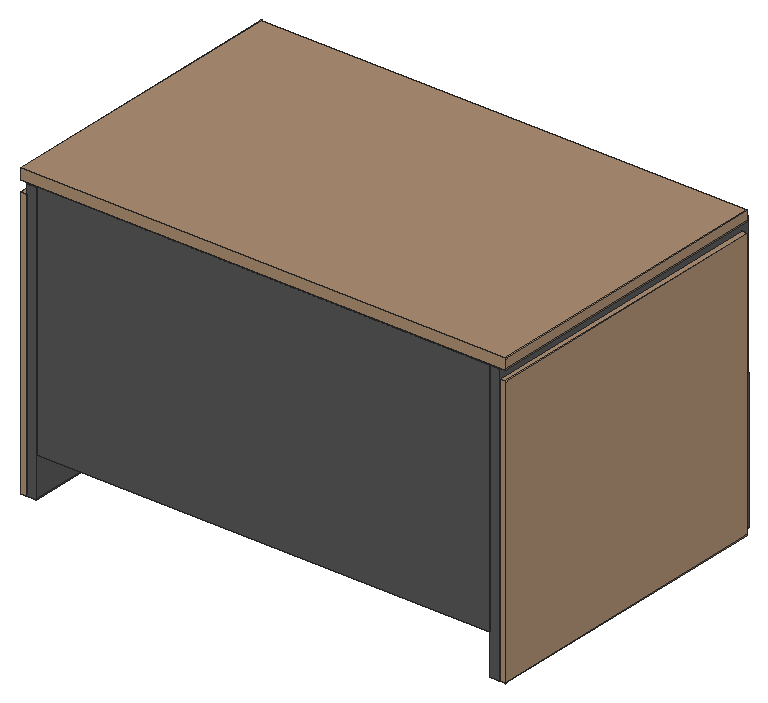
Revit family "Sanitary_Compound-Units_hansgrohe_54259XXX-Xilesa-E-Vanity-unit_780-470_1-drawer_wash-basin", category Furniture, host Face, Revit 2022
Family settings
  Host = Face
  OmniClass Number = 23.21.19.15.33.13
  OmniClass Title = Residential Bathroom Specialty Casework
  Cut with Voids When Loaded = No
  Render Appearance Source = Family Geometry
  Shared = No
  Room Calculation Point = No
Parameters (values of type "550 Cashmere Oak")
  Version = 1  # constant formula
  URL = "https://www.hansgrohe.com/"
  Product data url = "https://www.bimobject.com/en/hansgrohe/product/54259XXX"
  Product Page URL = "https://www.hansgrohe.com/articledetail--54259550"
  Model = "54259XXX"  # constant formula
  Material 3 = Hansgrohe - Metal - Black
  Material 2 = Hansgrohe - MDF - Matt Black
  Material 1 = Hansgrohe - MDF - 550 Cashmere Oak
  Manufacturer = "Hansgrohe"  # constant formula
  Height = 0 mm
  Description = "Xilesa E Vanity unit 780/470 with 1 drawer for wash basin"  # constant formula
  Default Elevation = 0 mm
  Date Updated = ""
  Date Created = "2024/02/03"  # constant formula
Types (5, lengths in mm): name | Material 1
  (no name) | Hansgrohe - MDF - 550 Cashmere Oak
  550 Cashmere Oak | Hansgrohe - MDF - 550 Cashmere Oak
  700 Matt White | Hansgrohe - MDF - 700 Matt White
  760 Slate Matt Grey | Hansgrohe - MDF - 760 Slate Matt Grey
  780 Sand Matt Beige | Hansgrohe - MDF - 780 Sand Matt Beige
Reference planes
  plane 1 "Center (Front/Back)": y = 0
  plane 2: z = 0
  plane 3 "Center (Left/Right)": x = 0
  plane 4: x = -390
  plane 5: x = 390
  plane 6: y = -500
  plane 7: z = 468
Dimensions and locks
  aligned and locked: plane 2 to host face
  aligned and locked: level to host face
Nested families
  nested 1: "54259XXX" at (0, -500, 0) x (1, 0, 0) z (0, 1, 0), Material 1 <- "Material 1", Material 2 <- "Material 2", Material 3 <- "Material 3", type "54259XXX"
    with Material 3 Hansgrohe - Metal - Black, Material 2 Hansgrohe - MDF - Matt Black, Material 1 Hansgrohe - MDF - 550 Cashmere Oak
Definition of nested family "54259XXX"
  Parameters (values of type "54259XXX")
    Version = 1  # constant formula
    URL = "https://www.hansgrohe.com/"
    Product data url = "https://www.bimobject.com/en/hansgrohe/product/54259XXX"
    Product Page URL = "https://www.hansgrohe.com/articledetail--54259550"
    Model = "54259XXX"  # constant formula
    Material 3 [instance] = none
    Material 2 [instance] = none
    Material 1 [instance] = none
    Manufacturer = "Hansgrohe"  # constant formula
    Description = "Xilesa E Vanity unit 780/470 with 1 drawer for wash basin"  # constant formula
    Default Elevation = 1219.2 mm
    Date Updated = ""
    Date Created = "2024/12/16"  # constant formula
  Reference planes
    plane 1 "Center (Front/Back)": y = 0
    plane 2: z = 0
    plane 3 "Center (Left/Right)": x = 0
  Forms (mm)
    Extrusion 1, solid, material <- "Material 1", detail levels medium+fine
      sketch origin (0, 0, 0) x (1, 0, 0) y (0, 1, 0)
        loop
          line (-380.6, 0) -> (-389.2, 0)
          arc (-389.2, 0) -> (-389.766, -0.234) -> (-390, -0.8) r 0.8
          line (-390, -0.8) -> (-390, -433.9)
          arc (-390, -433.9) -> (-389.766, -434.466) -> (-389.2, -434.7) r 0.8
          line (-389.2, -434.7) -> (-380.6, -434.7)
          arc (-380.6, -434.7) -> (-380.034, -434.466) -> (-379.8, -433.9) r 0.8
          line (-379.8, -433.9) -> (-379.8, -0.8)
          arc (-379.8, -0.8) -> (-380.034, -0.234) -> (-380.6, 0) r 0.8
        loop
          arc (380.6, 0) -> (380.034, -0.234) -> (379.8, -0.8) r 0.8
          line (379.8, -0.8) -> (379.8, -433.9)
          arc (379.8, -433.9) -> (380.034, -434.466) -> (380.6, -434.7) r 0.8
          line (380.6, -434.7) -> (389.2, -434.7)
          arc (389.2, -434.7) -> (389.766, -434.466) -> (390, -433.9) r 0.8
          line (390, -433.9) -> (390, -0.8)
          arc (390, -0.8) -> (389.766, -0.234) -> (389.2, 0) r 0.8
          line (389.2, 0) -> (380.6, 0)
      from 0 to 485
    Extrusion 2, solid, material <- "Material 1", detail levels medium+fine
      sketch origin (0, -90, 0) x (1, 0, 0) y (0, 1, 0)
        loop
          line (-389.2, -378) -> (389.2, -378)
          arc (389.2, -378) -> (389.766, -377.766) -> (390, -377.2) r 0.8
          line (390, -377.2) -> (390, -362.5)
          arc (390, -362.5) -> (389.766, -361.934) -> (389.2, -361.7) r 0.8
          line (389.2, -361.7) -> (-389.2, -361.7)
          arc (-389.2, -361.7) -> (-389.766, -361.934) -> (-390, -362.5) r 0.8
          line (-390, -362.5) -> (-390, -377.2)
          arc (-390, -377.2) -> (-389.766, -377.766) -> (-389.2, -378) r 0.8
      from 0 to 485
    Extrusion 3, solid, material <- "Material 2", detail levels medium+fine
      sketch origin (0, 0, 0) x (1, 0, 0) y (0, 1, 0)
        loop
          line (-379.8, -0.8) -> (-379.8, -448.9)
          arc (-379.8, -448.9) -> (-379.566, -449.466) -> (-379, -449.7) r 0.8
          line (-379, -449.7) -> (-364.6, -449.7)
          arc (-364.6, -449.7) -> (-364.034, -449.466) -> (-363.8, -448.9) r 0.8
          line (-363.8, -448.9) -> (-363.8, -0.8)
          arc (-363.8, -0.8) -> (-364.034, -0.234) -> (-364.6, 0) r 0.8
          line (-364.6, 0) -> (-379, 0)
          arc (-379, 0) -> (-379.566, -0.234) -> (-379.8, -0.8) r 0.8
        loop
          arc (379.8, -0.8) -> (379.566, -0.234) -> (379, 0) r 0.8
          line (379, 0) -> (364.6, 0)
          arc (364.6, 0) -> (364.034, -0.234) -> (363.8, -0.8) r 0.8
          line (363.8, -0.8) -> (363.8, -448.9)
          arc (363.8, -448.9) -> (364.034, -449.466) -> (364.6, -449.7) r 0.8
          line (364.6, -449.7) -> (379, -449.7)
          arc (379, -449.7) -> (379.566, -449.466) -> (379.8, -448.9) r 0.8
          line (379.8, -448.9) -> (379.8, -0.8)
      from 0 to 500
    Extrusion 4, solid, material <- "Material 2", detail levels fine
      sketch origin (0, 0, 0) x (1, 0, 0) y (0, 1, 0)
        loop
          line (-363.8, -65.2) -> (-363.8, -81.2) -> (363.8, -81.2) -> (363.8, -65.2) -> (-363.8, -65.2)
      from 17 to 125
    Extrusion 5, solid, material <- "Material 2", detail levels fine
      sketch origin (0, 0, 0) x (1, 0, 0) y (0, 1, 0)
        loop
          line (-363.8, -64.7) -> (-363.8, -449.7) -> (363.8, -449.7) -> (363.8, -64.7) -> (-363.8, -64.7)
      from 1 to 17
    Extrusion 6, solid, material <- "Material 3", detail levels fine
      sketch origin (0, -90, 0) x (1, 0, 0) y (0, 1, 0)
        loop
          line (-362.3, -356.9) -> (-362.3, -329.2) -> (-363.8, -329.2) -> (-363.8, -356.9)
          arc (-363.8, -356.9) -> (-363.126, -358.527) -> (-361.5, -359.2) r 2.3
          line (-361.5, -359.2) -> (361.5, -359.2)
          arc (361.5, -359.2) -> (363.126, -358.527) -> (363.8, -356.9) r 2.3
          line (363.8, -356.9) -> (363.8, -329.2) -> (362.3, -329.2) -> (362.3, -356.9)
          arc (362.3, -356.9) -> (362.066, -357.466) -> (361.5, -357.7) r 0.8
          line (361.5, -357.7) -> (-361.5, -357.7)
          arc (-361.5, -357.7) -> (-362.066, -357.466) -> (-362.3, -356.9) r 0.8
      from 449.5 to 499.5
    Extrusion 7, solid, material <- "Material 2", detail levels fine
      sketch origin (0, 0, 1) x (1, 0, 0) y (0, 0, 1)
        loop
          line (-322.898, 33.98) -> (322.898, 33.98) -> (322.898, 48.98) -> (-322.898, 48.98) -> (-322.898, 33.98)
      from 109.4 to 451.7
    Extrusion 8, solid, material <- "Material 3", detail levels fine
      sketch origin (150, 0, 1) x (1, 0, 0) y (0, 0, 1)
        loop
          line (198.3, 213.03) -> (198.3, 231.03) -> (183.3, 231.03) -> (183.3, 224.03) -> (192.95, 224.03) -> (192.95, 213.03) -> (198.3, 213.03)
      from 88.7 to 362.7
    Extrusion 9, solid, material <- "Material 3", detail levels fine
      sketch origin (150, 0, 1) x (1, 0, 0) y (0, 0, 1)
        loop
          line (200.05, 211.28) -> (200.05, 232.78) -> (181.55, 232.78) -> (181.55, 211.28) -> (200.05, 211.28)
      from 451.7 to 362.7
    Extrusion 10, solid, material <- "Material 3", detail levels fine
      sketch origin (-50, 0, 1) x (1, 0, 0) y (0, 0, 1)
        loop
          line (-292.5, 223.8) -> (-292.5, 113.608) -> (-298.2, 97.947) -> (-298.2, 48) -> (-269.9, 48) -> (-269.9, 223.8) -> (-292.5, 223.8)
        loop
          line (392.5, 223.8) -> (369.9, 223.8) -> (369.9, 48) -> (398.2, 48) -> (398.2, 97.947) -> (392.5, 113.608) -> (392.5, 223.8)
      from 91.9 to 109.4
    Extrusion 11, void
      sketch origin (-50, 0, 1) x (1, 0, 0) y (0, 0, 1)
        loop
          line (-291.5, 222.8) -> (-291.5, 113.431) -> (-297.2, 97.771) -> (-297.2, 49) -> (-270.9, 49) -> (-270.9, 222.8) -> (-291.5, 222.8)
        loop
          line (391.5, 222.8) -> (370.9, 222.8) -> (370.9, 49) -> (397.2, 49) -> (397.2, 97.771) -> (391.5, 113.431) -> (391.5, 222.8)
      from 91.9 to 108.7
    Extrusion 12, solid, material <- "Material 2", detail levels fine
      sketch origin (0, 0, 1) x (0, 1, 0) y (0, 0, 1)
        loop
          line (-92.7, 32.5) -> (-92.7, 113.5)
          arc (-92.7, 113.5) -> (-92.847, 113.854) -> (-93.2, 114) r 0.5
          line (-93.2, 114) -> (-108.2, 114)
          arc (-108.2, 114) -> (-108.554, 113.854) -> (-108.7, 113.5) r 0.5
          line (-108.7, 113.5) -> (-108.7, 32.5)
          arc (-108.7, 32.5) -> (-108.554, 32.146) -> (-108.2, 32) r 0.5
          line (-108.2, 32) -> (-93.2, 32)
          arc (-93.2, 32) -> (-92.847, 32.146) -> (-92.7, 32.5) r 0.5
      from -320 to 320
    Extrusion 13, solid, material <- "Material 3", detail levels fine
      sketch origin (-150, 0, 1) x (-1, 0, 0) y (0, 0, -1)
        loop
          line (198.3, -213.03) -> (192.95, -213.03) -> (192.95, -224.03) -> (183.3, -224.03) -> (183.3, -231.03) -> (198.3, -231.03) -> (198.3, -213.03)
      from 88.7 to 362.7
    Extrusion 14, solid, material <- "Material 3", detail levels fine
      sketch origin (-150, 0, 1) x (-1, 0, 0) y (0, 0, -1)
        loop
          line (200.05, -211.28) -> (181.55, -211.28) -> (181.55, -232.78) -> (200.05, -232.78) -> (200.05, -211.28)
      from 451.7 to 362.7
    Extrusion 15, solid, material <- "Material 1", detail levels coarse
      sketch origin (0, 0, 0) x (1, 0, 0) y (0, 1, 0)
        loop
          line (-390, -468) -> (390, -468) -> (390, 0) -> (363.8, 0) -> (363.8, -451.7) -> (-363.8, -451.7) -> (-363.8, 0) -> (-390, 0) -> (-390, -468)
      from 0 to 500
    Extrusion 16, solid, material <- "Material 3", detail levels fine
      sketch origin (0, 0, 1) x (1, 0, 0) y (0, 0, 1)
        loop
          line (352.091, 33.98) -> (352.091, 115.48) -> (333.591, 115.48) -> (332.786, 100.114) -> (330.22, 99.98) -> (327.791, 53.623)
          arc (327.791, 53.623) -> (326.271, 50.325) -> (322.898, 48.98) r 4.9
          line (322.898, 48.98) -> (322.898, 33.98) -> (352.091, 33.98)
        loop
          line (-352.091, 33.98) -> (-322.898, 33.98) -> (-322.898, 48.98)
          arc (-322.898, 48.98) -> (-326.271, 50.325) -> (-327.791, 53.623) r 4.9
          line (-327.791, 53.623) -> (-330.22, 99.98) -> (-332.786, 100.114) -> (-333.591, 115.48) -> (-352.091, 115.48) -> (-352.091, 33.98)
      from 109.4 to 451.7
  Cuts and joins
    Extrusion 11 cuts Extrusion 10
  Lines and regions (mm)
    Masking region 1
      outline origin (0, 0, 0) x (1, 0, 0) y (0, 1, 0)
        loop
          line (-390, -0.8) -> (-390, -433.9)
          arc (-390, -433.9) -> (-389.766, -434.466) -> (-389.2, -434.7) r 0.8
          line (-389.2, -434.7) -> (-380.6, -434.7)
          arc (-380.6, -434.7) -> (-380.034, -434.466) -> (-379.8, -433.9) r 0.8
          line (-379.8, -433.9) -> (-379.8, -451.7) -> (-389.2, -451.7)
          arc (-389.2, -451.7) -> (-389.766, -451.934) -> (-390, -452.5) r 0.8
          line (-390, -452.5) -> (-390, -467.2)
          arc (-390, -467.2) -> (-389.766, -467.766) -> (-389.2, -468) r 0.8
          line (-389.2, -468) -> (0, -468) -> (389.2, -468)
          arc (389.2, -468) -> (389.766, -467.766) -> (390, -467.2) r 0.8
          line (390, -467.2) -> (390, -452.5)
          arc (390, -452.5) -> (389.766, -451.934) -> (389.2, -451.7) r 0.8
          line (389.2, -451.7) -> (379.8, -451.7) -> (379.8, -433.9)
          arc (379.8, -433.9) -> (380.034, -434.466) -> (380.6, -434.7) r 0.8
          line (380.6, -434.7) -> (389.2, -434.7)
          arc (389.2, -434.7) -> (389.766, -434.466) -> (390, -433.9) r 0.8
          line (390, -433.9) -> (390, -0.8)
          arc (390, -0.8) -> (389.766, -0.234) -> (389.2, 0) r 0.8
          line (389.2, 0) -> (380.6, 0)
          arc (380.6, 0) -> (380.034, -0.234) -> (379.8, -0.8) r 0.8
          arc (379.8, -0.8) -> (379.566, -0.234) -> (379, 0) r 0.8
          line (379, 0) -> (364.6, 0)
          arc (364.6, 0) -> (364.034, -0.234) -> (363.8, -0.8) r 0.8
          line (363.8, -0.8) -> (363.8, -65.2) -> (0, -65.2) -> (-363.8, -65.2) -> (-363.8, -0.8)
          arc (-363.8, -0.8) -> (-364.034, -0.234) -> (-364.6, 0) r 0.8
          line (-364.6, 0) -> (-379, 0)
          arc (-379, 0) -> (-379.566, -0.234) -> (-379.8, -0.8) r 0.8
          arc (-379.8, -0.8) -> (-380.034, -0.234) -> (-380.6, 0) r 0.8
          line (-380.6, 0) -> (-389.2, 0)
          arc (-389.2, 0) -> (-389.766, -0.234) -> (-390, -0.8) r 0.8
    Masking region 2
      outline origin (0, 0, 0) x (0, 1, 0) y (0, 0, 1)
        loop
          line (-449.7, 500) -> (-449.7, 233.78) -> (-451.7, 233.78) -> (-451.7, 485) -> (-468, 485) -> (-468, 0) -> (-451.7, 0) -> (-451.7, 34.98) -> (-449.7, 34.98) -> (-449.7, 0) -> (0, 0) -> (0, 500) -> (-449.7, 500)
    Masking region 3
      outline origin (0, 0, 0) x (1, 0, 0) y (0, 0, 1)
        loop
          line (-390, 485) -> (-390, 0) -> (50, 0) -> (390, 0) -> (390, 485) -> (379.8, 485) -> (379.8, 500) -> (50, 500) -> (-379.8, 500) -> (-379.8, 485) -> (-390, 485)
    symbolic lines, detail levels medium+fine
      curve 1: line (-379.8, -451.7, 0) -> (0, -451.7, 0)
      curve 2: line (-363.8, -65.2, 0) -> (-363.8, -451.7, 0)
      curve 3: line (-379.8, -0.8, 0) -> (-379.8, -433.9, 0)
      curve 4: line (-363.8, -81.2, 0) -> (0, -81.2, 0)
      curve 25: line (379.8, -451.7, 0) -> (0, -451.7, 0)
      curve 26: line (363.8, -65.2, 0) -> (363.8, -451.7, 0)
      curve 27: line (379.8, -0.8, 0) -> (379.8, -433.9, 0)
      curve 28: line (363.8, -81.2, 0) -> (0, -81.2, 0)
      curve 49: line (0, -451.7, 34.98) -> (0, -451.7, 233.78)
      curve 50: line (0, -449.7, 233.78) -> (0, -449.7, 34.98)
      curve 53: line (0, -451.7, 211.28) -> (0, -449.7, 211.28)
      curve 54: line (0, -451.7, 116.48) -> (0, -449.7, 116.48)
      curve 55: line (-379.8, 0, 485) -> (379.8, 0, 485)
      curve 56: line (-363.8, 0, 500) -> (-363.8, 0, 485)
      curve 57: line (363.8, 0, 500) -> (363.8, 0, 485)
    symbolic lines, detail levels fine
      curve 5: line (-352.091, -81.2, 0) -> (-352.091, -447.7, 0)
      curve 6: line (-330.22, -81.2, 0) -> (-330.22, -91.9, 0)
      curve 7: line (0, -91.9, 0) -> (-333.3, -91.9, 0)
      curve 8: line (-333.3, -109.4, 0) -> (0, -109.4, 0)
      curve 9: line (-348.3, -88.7, 0) -> (-348.3, -361.7, 0)
      curve 10: line (-333.3, -88.7, 0) -> (-348.3, -88.7, 0)
      curve 11: line (-350.05, -361.7, 0) -> (-350.05, -447.7, 0)
      curve 12: line (-350.05, -361.7, 0) -> (-331.55, -361.7, 0)
      curve 13: line (-331.55, -361.7, 0) -> (-331.55, -447.7, 0)
      curve 14: line (0, -447.7, 0) -> (-361.5, -447.7, 0)
      curve 15: arc (-361.5, -447.7, 0) -> (-362.066, -447.466, 0) -> (-362.3, -446.9, 0) r 0.8
      curve 16: line (-362.3, -446.9, 0) -> (-362.3, -419.2, 0)
      curve 17: line (-362.3, -419.2, 0) -> (-363.8, -419.2, 0)
      curve 18: arc (-363.8, -446.9, 0) -> (-363.126, -448.527, 0) -> (-361.5, -449.2, 0) r 2.3
      curve 19: line (-361.5, -449.2, 0) -> (0, -449.2, 0)
      curve 20: line (-352.091, -449.2, 0) -> (-352.091, -451.7, 0)
      curve 21: line (-350.05, -449.2, 0) -> (-350.05, -451.7, 0)
      curve 22: line (-333.3, -361.7, 0) -> (-333.3, -88.7, 0)
      curve 23: line (-331.55, -449.2, 0) -> (-331.55, -451.7, 0)
      curve 24: line (-330.22, -449.2, 0) -> (-330.22, -451.7, 0)
      curve 29: line (352.091, -81.2, 0) -> (352.091, -447.7, 0)
      curve 30: line (330.22, -81.2, 0) -> (330.22, -91.9, 0)
      curve 31: line (0, -91.9, 0) -> (333.3, -91.9, 0)
      curve 32: line (333.3, -109.4, 0) -> (0, -109.4, 0)
      curve 33: line (348.3, -88.7, 0) -> (348.3, -361.7, 0)
      curve 34: line (333.3, -88.7, 0) -> (348.3, -88.7, 0)
      curve 35: line (350.05, -361.7, 0) -> (350.05, -447.7, 0)
      curve 36: line (350.05, -361.7, 0) -> (331.55, -361.7, 0)
      curve 37: line (331.55, -361.7, 0) -> (331.55, -447.7, 0)
      curve 38: line (0, -447.7, 0) -> (361.5, -447.7, 0)
      curve 39: arc (361.5, -447.7, 0) -> (362.066, -447.466, 0) -> (362.3, -446.9, 0) r 0.8
      curve 40: line (362.3, -446.9, 0) -> (362.3, -419.2, 0)
      curve 41: line (362.3, -419.2, 0) -> (363.8, -419.2, 0)
      curve 42: arc (363.8, -446.9, 0) -> (363.126, -448.527, 0) -> (361.5, -449.2, 0) r 2.3
      curve 43: line (361.5, -449.2, 0) -> (0, -449.2, 0)
      curve 44: line (352.091, -449.2, 0) -> (352.091, -451.7, 0)
      curve 45: line (350.05, -449.2, 0) -> (350.05, -451.7, 0)
      curve 46: line (333.3, -361.7, 0) -> (333.3, -88.7, 0)
      curve 47: line (331.55, -449.2, 0) -> (331.55, -451.7, 0)
      curve 48: line (330.22, -449.2, 0) -> (330.22, -451.7, 0)
      curve 51: line (0, 0, 485) -> (0, -434.7, 485)
      curve 52: line (0, -434.7, 485) -> (0, -434.7, 0)
      curve 58: line (-330.22, -109.4, 0) -> (-330.22, -447.7, 0)
      curve 59: line (330.22, -109.4, 0) -> (330.22, -447.7, 0)
  Dimensions and locks
    aligned and locked: level to plane 2
